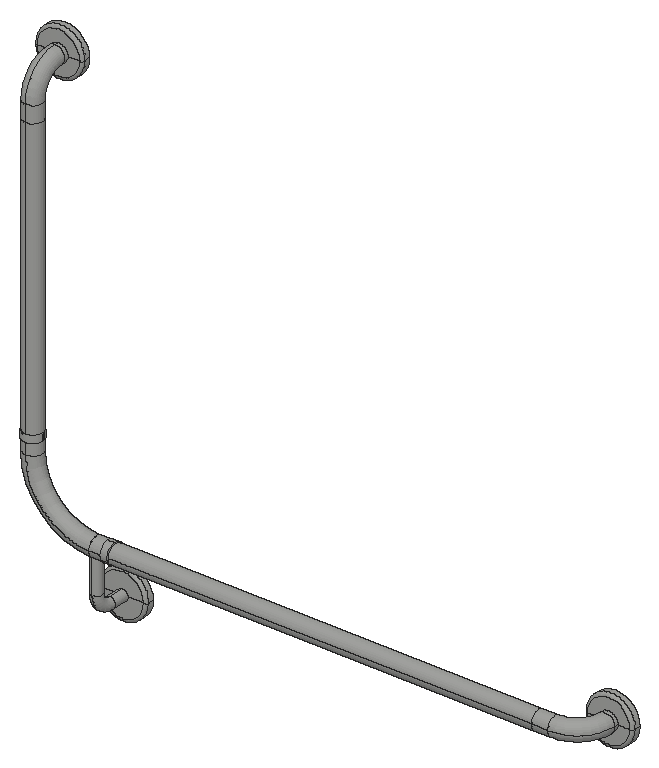
Revit family "RBA4806-911", category Plumbing Fixtures, Revit 2021
Family settings
  Round Connector Dimension = Use Diameter
  Part Type = Normal
  Work Plane-Based = No
  Always vertical = Yes
  Cut with Voids When Loaded = No
  Shared = No
  Room Calculation Point = No
Parameters
  Watermarked By = "www.rba.com.au"
  URL = "www.rba.com.au"
  R_Void [instance] = 15.00 mm
  R [instance] = 0.00 mm
  Phone Number = ""
  Modified Issue = ""
  Model = "RBA4806-911"
  Materials and Finishes = PVD Gunmetal Stainless Steel
  Manufacturer Model = "B819436"
  Manufacturer = "RBA Group"
  Description = "RTA SSS Right Hand Single Wall 90° Rail"
  Default Elevation = 0.00 mm
  Copyrighted by = "RBA Group"  # constant formula
  Assembly Code = ""
Reference planes
  plane 1 "Center (Front/Back)": y = 0
  plane 2: z = 0
  plane 3: x = 40.5
  plane 4: x = 990.5
  plane 5: x = 515.5
  plane 6: z = 700
  plane 7: x = 835.5
  plane 8: z = -100
  plane 9: x = 974.5
  plane 10: z = 16
  plane 11: y = -70
  plane 12: y = -86
  plane 13: y = -54
  plane 14: y = -79.5
  plane 15: y = -60.5
  plane 16: z = -30
  plane 17: z = 30
  plane 18: x = 1606.5
  plane 19: x = 1666.5
  plane 20: z = 670
  plane 21: z = 730
  plane 22: x = 716.5
  plane 23: x = 656.5
  plane 24: z = -130
  plane 25: z = -70
  plane 26: x = 766.5
  plane 27: x = 826.5
Forms (mm)
  Extrusion 1, solid, material "PVD Gunmetal Stainless Steel" <- "Materials and Finishes"
    sketch origin (1636.5, -2.628, 315.907) x (0, 0, -1) y (-1, 0, 0)
      loop
        circle (315.907, 0) r 40
    from -0.219 to 2.628
  Revolve 2, solid, material "PVD Gunmetal Stainless Steel" <- "Materials and Finishes"
    sketch origin (1636.5, 18.663, 0) x (0, -1, 0) y (1, 0, 0)
      loop
        line (18.663, 0) -> (33.701, 0) -> (32.842, 36.617)
        arc (32.842, 36.617) -> (31.337, 40.077) -> (27.844, 41.5) r 5
        line (27.844, 41.5) -> (18.663, 41.5) -> (18.663, 0)
      axis (18.663, 0) -> (33.701, 0)
    angle from 0 to 360
  Extrusion 3, void
    sketch origin (1636.5, 34.941, 315.907) x (0, 0, -1) y (-1, 0, 0)
      loop
        circle (315.907, 30) r 5
      loop
        circle (315.907, -30) r 5
    from -37.788 to -30
  Sweep 4, solid, material "PVD Gunmetal Stainless Steel" <- "Materials and Finishes"
    path origin (1636.5, 12.454, 0) x (0, -1, 0) y (-1, 0, 0)
      loop
        line (12.454, 0) -> (34.454, 0)
        arc (34.454, 0) -> (68.395, 14.059) -> (82.454, 48) r 48
        line (82.454, 48) -> (82.454, 76)
    profile origin (1636.5, -11, 0) x (1, 0, 0) y (0, 0, 1)
      loop
        circle (0, 0) r 16
  Extrusion 5, solid, material "PVD Gunmetal Stainless Steel" <- "Materials and Finishes"
    sketch origin (686.5, -2.628, 1015.907) x (0, 0, -1) y (-1, 0, 0)
      loop
        circle (315.907, 0) r 40
    from -0.219 to 2.628
  Extrusion 6, void
    sketch origin (686.5, 34.941, 1015.907) x (0, 0, -1) y (-1, 0, 0)
      loop
        circle (315.907, -30) r 5
      loop
        circle (315.907, 30) r 5
    from -37.788 to -30
  Sweep 7, solid, material "PVD Gunmetal Stainless Steel" <- "Materials and Finishes"
    path origin (-13.5, 12.454, 700) x (0, -1, 0) y (0, 0, -1)
      loop
        line (12.454, 0) -> (34.454, 0)
        arc (34.454, 0) -> (68.395, 14.059) -> (82.454, 48) r 48
        line (82.454, 48) -> (82.454, 76)
    profile origin (-13.5, -11, 700) x (0, 0, -1) y (1, 0, 0)
      loop
        circle (0, 700) r 16
  Revolve 8, solid, material "PVD Gunmetal Stainless Steel" <- "Materials and Finishes"
    sketch origin (686.5, 18.663, 700) x (0, -1, 0) y (1, 0, 0)
      loop
        line (18.663, 0) -> (18.663, -41.5) -> (27.844, -41.5)
        arc (27.844, -41.5) -> (31.337, -40.077) -> (32.842, -36.617) r 5
        line (32.842, -36.617) -> (33.701, 0) -> (18.663, 0)
      axis (18.663, 0) -> (33.701, 0)
    angle from 0 to 360
  Sweep 9, solid, material "PVD Gunmetal Stainless Steel" <- "Materials and Finishes"
    path origin (1677, 0, 0) x (-1, 0, 0) y (0, 0, -1)
      loop
        line (116.5, 0) -> (880.5, 0)
        arc (880.5, 0) -> (958.282, -32.218) -> (990.5, -110) r 110
        line (990.5, -110) -> (990.5, -624)
    profile origin (1178.5, 0, 0) x (0, 0, -1) y (0, -1, 0)
      loop
        circle (0, 70) r 16
  Extrusion 10, solid, material "PVD Gunmetal Stainless Steel" <- "Materials and Finishes"
    sketch origin (796.5, -2.628, 215.907) x (0, 0, -1) y (-1, 0, 0)
      loop
        circle (315.907, 0) r 40
    from -0.219 to 2.628
  Revolve 11, solid, material "PVD Gunmetal Stainless Steel" <- "Materials and Finishes"
    sketch origin (796.5, 18.663, -100) x (0, -1, 0) y (1, 0, 0)
      loop
        line (18.663, 0) -> (33.701, 0) -> (32.842, 36.617)
        arc (32.842, 36.617) -> (31.337, 40.077) -> (27.844, 41.5) r 5
        line (27.844, 41.5) -> (18.663, 41.5) -> (18.663, 0)
      axis (18.663, 0) -> (33.701, 0)
    angle from 0 to 360
  Sweep 12, solid, material "PVD Gunmetal Stainless Steel" <- "Materials and Finishes"
    path origin (796.5, 12.454, -100) x (0, -1, 0) y (0, 0, 1)
      loop
        line (12.454, 0) -> (54.454, 0)
        arc (54.454, 0) -> (74.253, 8.201) -> (82.454, 28) r 28
        line (82.454, 28) -> (82.454, 100)
    profile origin (796.5, -21, -100) x (0, 0, 1) y (-1, 0, 0)
      loop
        circle (0, 0) r 9.5
  Extrusion 13, void
    sketch origin (796.5, 34.941, 215.907) x (0, 0, -1) y (-1, 0, 0)
      loop
        circle (315.907, 30) r 5
      loop
        circle (315.907, -30) r 5
    from -37.788 to -30
  Extrusion 14, solid, material "PVD Gunmetal Stainless Steel" <- "Materials and Finishes"
    sketch origin (1677, 0, 0) x (-1, 0, 0) y (0, -1, 0)
      loop
        circle (990.5, 70) r 17
    from 142 to 130
  Extrusion 15, solid, material "PVD Gunmetal Stainless Steel" <- "Materials and Finishes"
    sketch origin (1026.5, 0, 990.5) x (0, 0, -1) y (0, -1, 0)
      loop
        circle (990.5, 70) r 17
    from 210 to 198
Cuts and joins
  Extrusion 3 cuts Extrusion 1
  Extrusion 6 cuts Extrusion 5
  Extrusion 13 cuts Extrusion 10
  Extrusion 3 cuts Revolve 2
  Extrusion 6 cuts Revolve 8
  Extrusion 13 cuts Revolve 11
  joined: Revolve 2, Sweep 4, Sweep 7, Revolve 8, Sweep 9, Revolve 11, Sweep 12
Dimensions and locks
  level to plane 8 = 100.00 mm
  plane 6 to level = 700.00 mm
  plane 4 to plane 7 = 155.00 mm
  plane 4 to plane 3 = 950.00 mm
  Revolve 2 sketch curve to Revolve 2 sketch curve = 41.50 mm
  plane 17 to plane 16 = 60.00 mm
  plane 18 to plane 19 = 60.00 mm
  plane 21 to plane 20 = 60.00 mm
  plane 23 to plane 22 = 60.00 mm
  Revolve 8 sketch curve to Revolve 8 sketch curve = 41.50 mm
  Revolve 11 sketch curve to Revolve 11 sketch curve = 41.50 mm
  plane 25 to plane 24 = 60.00 mm
  plane 26 to plane 27 = 60.00 mm
  radius of Extrusion 1 sketch curve = 40.00 mm
  radius of Sweep 4 sketch curve = 16.00 mm
  radius of Extrusion 5 sketch curve = 40.00 mm
  radius of Sweep 7 sketch curve = 16.00 mm
  radius of Extrusion 10 sketch curve = 40.00 mm
  radius of Sweep 12 sketch curve = 9.50 mm
  aligned and locked: Revolve 2 to Extrusion 1
  aligned and locked: Revolve 11 to Extrusion 10
